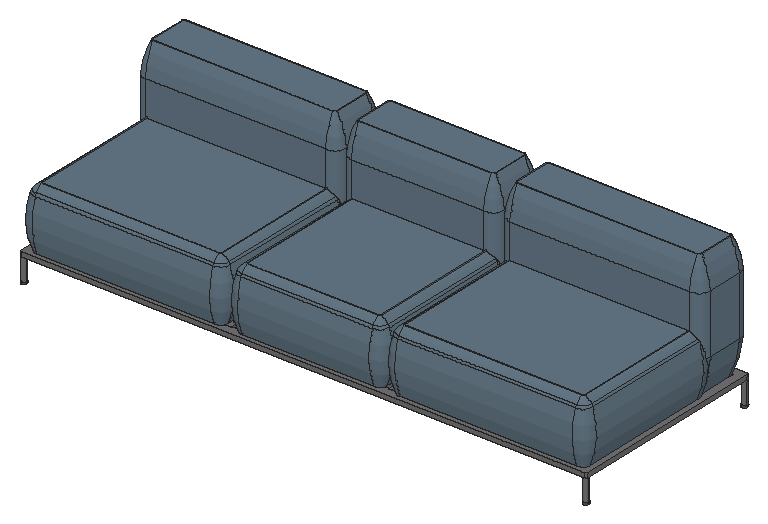
Revit family "Haworth_Mex-Hi_Sofa_WithoutArm", category Furniture, Revit 2018
Family settings
  OmniClass Number = 23.40.70.14.64.21
  OmniClass Title = Systems Furniture
  Work Plane-Based = No
  Always vertical = Yes
  Cut with Voids When Loaded = No
  Shared = No
  Room Calculation Point = No
Parameters (values of type "Three Seat Sofa")
  Warranty = "http://www.haworth.com/resources/product-info/warranties"
  URL - Product = "https://www.haworth.com/na/en/products/lounge-sofas/ottomans/mex-hi-seating.html"
  URL = "https://www.haworth.com/na/en/about/brands/haworth-collection.html"
  Two Seats = no
  Trim Finish = Haworth _ Polymer _ Black
  Three Seats = not(Two Seats)  # yes
  Sustainability Info = "https://www.haworth.com/na/en/expertise/sustainability.html"
  Size = "Verify Final Dim. w/ Haworth"  # constant formula
  Seat Upholstery Finish [instance] = Haworth _ Leather _ Scozia _ Oceano ES-342
  Revision Number = "1"  # constant formula
  Model = "HCCSMHL"  # constant formula
  Manufacturer = "Haworth"  # constant formula
  Description = "Haworth - Cassina - Mex-Hi - Sofa - Without Arm - Three Seat"
  Base Finish [instance] = Haworth _ Paint _ Matte Anthracite 69-ANT
  Back Upholstery Finish [instance] = Haworth _ Leather _ Scozia _ Oceano ES-342
  Author = "Haworth (Abd Rahman)"  # constant formula
  Assembly Code = "E2020200"
  Actual Width = if(Two Seats, 70.90", 98.40")  # 98.40"
  Actual Height = 28.30"  # constant formula
  Actual Depth = 35.50"  # constant formula
Reference planes (in)
  plane 1: z = 0
  plane 2 "Center L/R": x = -6.11989
  plane 3 "Center F/B": y = -11.5
  plane 4 "Top": z = 28.3
  plane 5 "Back": y = 6.25
  plane 6 "Front": y = -29.25
  plane 7 "Right": x = 43.08011
  plane 8 "Left": x = -55.31989
  plane 9: x = -22.51989
  plane 10: x = 10.28011
  plane 11: z = 4.88189
Dimensions and locks (in)
  equal spacing: plane 8 "Left", plane 2 "Center L/R", plane 7 "Right"
  "Actual Width": plane 8 "Left" to plane 7 "Right"
  equal spacing: plane 5 "Back", plane 3 "Center F/B", plane 6 "Front"
  "Actual Depth": plane 5 "Back" to plane 6 "Front"
  "Actual Height": plane 4 "Top" to plane 1
  equal spacing: plane 8 "Left", plane 9, plane 10, plane 7 "Right"
  aligned and locked: nested 1 to plane 5 "Back"
  aligned and locked: plane 2 "Center L/R" to nested 3
  aligned and locked: plane 3 "Center F/B" to nested 3
  aligned and locked: plane 7 "Right" to nested 1
  aligned and locked: plane 8 "Left" to nested 2
  aligned and locked: plane 8 "Left" to nested 4
  aligned and locked: nested 5 to nested 4  (x2)
  aligned and locked: plane 7 "Right" to nested 6
  aligned and locked: nested 6 to nested 5
  aligned and locked: nested 7 to plane 2 "Center L/R"
  aligned and locked: nested 7 to plane 5 "Back"
  aligned and locked: nested 3 to plane 11
  aligned and locked: nested 2 to plane 11
  aligned and locked: plane 11 to nested 7
  aligned and locked: plane 11 to nested 1
  aligned and locked: plane 11 to nested 4
  aligned and locked: plane 11 to nested 5
  aligned and locked: plane 11 to nested 6
Nested families (in)
  nested 1: "Haworth_Mex-Hi_Sofa_Back-Wide-PART" at (31.83887, 9.90612, -0.04956), Back Upholstery Finish <- "Back Upholstery Finish", type "Back Wide - PART - Small"
    with Back Upholstery Finish Haworth _ Leather _ Scozia _ Oceano ES-342, Extra Small no
  nested 2: "Haworth_Mex-Hi_Sofa_Back-Wide-PART" at (-44.07865, 9.90612, -0.04956) x (-1, 0, 0) z (0, 0, 1), Back Upholstery Finish <- "Back Upholstery Finish", type "Back Wide - PART - Small"
    with Back Upholstery Finish Haworth _ Leather _ Scozia _ Oceano ES-342, Extra Small no
  nested 3: "Haworth_Mex-Hi_Sofa_Base-PART" at (0, 0, 0), Base Finish <- "Base Finish", type "Base - PART"
    with Base Finish Haworth _ Paint _ Matte Anthracite 69-ANT
  nested 4: "Haworth_Mex-Hi_Sofa_Seat-Wide-PART" at (-31.35039, -3.81836, 0), Seat Upholstery Finish <- "Seat Upholstery Finish", type "Seat Wide - PART - Middle"
    with Seat Upholstery Finish Haworth _ Leather _ Scozia _ Oceano ES-342, Peninsula Seat no, Middle Large Seat no
  nested 5: "Haworth_Mex-Hi_Sofa_Seat-Wide-PART" at (0.1805, -3.81836, 0), visible <- "Three Seats", Seat Upholstery Finish <- "Seat Upholstery Finish", type "Seat Wide - PART - L/R"
    with Seat Upholstery Finish Haworth _ Leather _ Scozia _ Oceano ES-342, Peninsula Seat no, Middle Small Seat no, Middle Large Seat no, L/R Seat yes
  nested 6: "Haworth_Mex-Hi_Sofa_Seat-Wide-PART" at (31.35039, -3.81836, 0), Seat Upholstery Finish <- "Seat Upholstery Finish", type "Seat Wide - PART - Middle"
    with Seat Upholstery Finish Haworth _ Leather _ Scozia _ Oceano ES-342, Peninsula Seat no, Middle Large Seat no
  nested 7: "Haworth_Mex-Hi_Sofa_Back-Wide-PART" at (0.35387, 9.90612, -0.04956), visible <- "Three Seats", Back Upholstery Finish <- "Back Upholstery Finish", type "Back Wide - PART - Extra Small"
    with Back Upholstery Finish Haworth _ Leather _ Scozia _ Oceano ES-342, Small no
Definition of nested family "Haworth_Mex-Hi_Sofa_Back-Wide-PART"
  Parameters (values of type "Back Wide - PART - Small")
    Warranty = "http://www.haworth.com/resources/product-info/warranties"
    URL - Product = "https://www.haworth.com/na/en/products/lounge-sofas/ottomans/mex-hi-seating.html"
    URL = "https://www.haworth.com/na/en/about/brands/haworth-collection.html"
    Sustainability Info = "https://www.haworth.com/na/en/expertise/sustainability.html"
    Small = yes
    Size = "Verify Final Dim. w/ Haworth"  # constant formula
    Seat Height = 17.00"  # constant formula
    Revision Number = "1"  # constant formula
    Model = "Haworth - Cassina - Mex-Hi"  # constant formula
    Manufacturer = "Haworth"  # constant formula
    Large = no
    Extra Small = yes
    Description = "Haworth - Cassina - Mex-Hi - Back - Wide - PART"  # constant formula
    Back Upholstery Finish [instance] = none
    Author = "Haworth (Abd Rahman)"  # constant formula
    Assembly Code = "E2020200"
    Actual Width = 35.43"  # constant formula
    Actual Height = 27.39844"  # constant formula
    Actual Depth = 10.60"  # constant formula
  Types (2): name | Small | Large
    Back Wide - PART - Small | yes | no
    Back Wide - PART - Large | no | yes
  Reference planes (in)
    plane 1: z = 0
    plane 2 "Top": z = 27.39844
    plane 3: z = 17
    plane 4 "Right": x = 11.24124
    plane 5 "Left": x = -24.18876
    plane 6 "Center (Left/Right)": x = -6.47376
    plane 7 "Back": y = -3.65612
    plane 8 "Front": y = -14.25612
    plane 9 "Center (Front/Back)": y = -8.95612
    plane 10: x = -20.15376
    plane 11: x = 7.20624
  Forms (in)
    Extrusion 1, solid, material <- "Back Upholstery Finish", visible <- "Small"
      sketch origin (0, 0.1875, 0) x (1, 0, 0) y (0, 1, 0)
        loop
          line (-22.40055, -6.01823) -> (-22.40055, -12.26715)
          arc (-22.40055, -12.26715) -> (-22.28726, -12.54067) -> (-22.01374, -12.65397) r 0.38681
          line (-22.01374, -12.65397) -> (9.07786, -12.65397)
          arc (9.07786, -12.65397) -> (9.35138, -12.54067) -> (9.46468, -12.26715) r 0.38681
          line (9.46468, -12.26715) -> (9.46468, -6.01823)
          arc (9.46468, -6.01823) -> (9.35138, -5.74471) -> (9.07786, -5.63141) r 0.38681
          line (9.07786, -5.63141) -> (-22.01374, -5.63141)
          arc (-22.01374, -5.63141) -> (-22.28726, -5.74471) -> (-22.40055, -6.01823) r 0.38681
      from 4.93145 to 26.69365
    Sweep 2, solid, material <- "Back Upholstery Finish", visible <- "Small"
      path origin (0, 0.1875, 0) x (1, 0, 0) y (0, 1, 0)
        loop
          arc (-22.01374, -5.51823) -> (-22.36729, -5.66467) -> (-22.51374, -6.01823) r 0.5
          line (-22.51374, -6.01823) -> (-22.51374, -12.26715)
          arc (-22.51374, -12.26715) -> (-22.36729, -12.62071) -> (-22.01374, -12.76715) r 0.5
          line (-22.01374, -12.76715) -> (9.07786, -12.76715)
          arc (9.07786, -12.76715) -> (9.43142, -12.62071) -> (9.57786, -12.26715) r 0.5
          line (9.57786, -12.26715) -> (9.57786, -6.01823)
          arc (9.57786, -6.01823) -> (9.43142, -5.66467) -> (9.07786, -5.51823) r 0.5
          line (9.07786, -5.51823) -> (-22.01374, -5.51823)
      profile origin (-6.46794, -5.33073, 0) x (0, 1, 0) y (0, 0, 1)
        loop
          arc (1.49021, 21.44568) -> (0.98441, 24.16007) -> (-0.11319, 26.69365) r 12.32019
          line (-0.11319, 26.69365) -> (-0.11319, 4.93145)
          arc (-0.11319, 4.93145) -> (0.96903, 7.99176) -> (1.49021, 11.19568) r 18.19442
          arc (1.49021, 11.19568) -> (1.67463, 16.32068) -> (1.49021, 21.44568) r 71.30597
    Sweep 3, solid, material <- "Back Upholstery Finish", visible <- "Large"
      path origin (0, 0.1875, 0) x (1, 0, 0) y (0, 1, 0)
        loop
          arc (-29.78736, -5.63141) -> (-30.14092, -5.77786) -> (-30.28736, -6.13141) r 0.5
          line (-30.28736, -6.13141) -> (-30.28736, -12.15397)
          arc (-30.28736, -12.15397) -> (-30.14092, -12.50752) -> (-29.78736, -12.65397) r 0.5
          line (-29.78736, -12.65397) -> (8.96468, -12.65397)
          arc (8.96468, -12.65397) -> (9.31823, -12.50752) -> (9.46468, -12.15397) r 0.5
          line (9.46468, -12.15397) -> (9.46468, -6.13141)
          arc (9.46468, -6.13141) -> (9.31823, -5.77786) -> (8.96468, -5.63141) r 0.5
          line (8.96468, -5.63141) -> (-29.78736, -5.63141)
      profile origin (-10.41134, -5.44391, 0) x (0, 1, 0) y (0, 0, 1)
        loop
          arc (1.49021, 21.44568) -> (0.98441, 24.16007) -> (-0.11319, 26.69365) r 12.32019
          line (-0.11319, 26.69365) -> (-0.11319, 4.93145)
          arc (-0.11319, 4.93145) -> (0.96903, 7.99176) -> (1.49021, 11.19568) r 18.19442
          arc (1.49021, 11.19568) -> (1.67463, 16.32068) -> (1.49021, 21.44568) r 71.30597
    Extrusion 4, solid, material <- "Back Upholstery Finish", visible <- "Large"
      sketch origin (0, 0.1875, 0) x (1, 0, 0) y (0, 1, 0)
        loop
          line (-30.17418, -6.13141) -> (-30.17418, -12.15397)
          arc (-30.17418, -12.15397) -> (-30.06088, -12.42749) -> (-29.78736, -12.54078) r 0.38681
          line (-29.78736, -12.54078) -> (8.96468, -12.54078)
          arc (8.96468, -12.54078) -> (9.2382, -12.42749) -> (9.35149, -12.15397) r 0.38681
          line (9.35149, -12.15397) -> (9.35149, -6.13141)
          arc (9.35149, -6.13141) -> (9.2382, -5.85789) -> (8.96468, -5.7446) r 0.38681
          line (8.96468, -5.7446) -> (-29.78736, -5.7446)
          arc (-29.78736, -5.7446) -> (-30.06088, -5.85789) -> (-30.17418, -6.13141) r 0.38681
      from 4.93145 to 26.69365
    Sweep 5, solid, material <- "Back Upholstery Finish", visible <- "Extra Small"
      path origin (0, 0.1875, 0) x (1, 0, 0) y (0, 1, 0)
        loop
          arc (-17.90376, -5.51823) -> (-18.25731, -5.66467) -> (-18.40376, -6.01823) r 0.5
          line (-18.40376, -6.01823) -> (-18.40376, -12.26715)
          arc (-18.40376, -12.26715) -> (-18.25731, -12.62071) -> (-17.90376, -12.76715) r 0.5
          line (-17.90376, -12.76715) -> (4.95624, -12.76715)
          arc (4.95624, -12.76715) -> (5.30979, -12.62071) -> (5.45624, -12.26715) r 0.5
          line (5.45624, -12.26715) -> (5.45624, -6.01823)
          arc (5.45624, -6.01823) -> (5.30979, -5.66467) -> (4.95624, -5.51823) r 0.5
          line (4.95624, -5.51823) -> (-17.90376, -5.51823)
      profile origin (-6.47376, -5.33073, 0) x (0, 1, 0) y (0, 0, 1)
        loop
          arc (1.49021, 21.44568) -> (0.98441, 24.16007) -> (-0.11319, 26.69365) r 12.32019
          line (-0.11319, 26.69365) -> (-0.11319, 4.93145)
          arc (-0.11319, 4.93145) -> (0.96903, 7.99176) -> (1.49021, 11.19568) r 18.19442
          arc (1.49021, 11.19568) -> (1.67463, 16.32068) -> (1.49021, 21.44568) r 71.30597
    Extrusion 6, solid, material <- "Back Upholstery Finish", visible <- "Extra Small"
      sketch origin (0, 0.1875, 0) x (1, 0, 0) y (0, 1, 0)
        loop
          line (-18.29057, -6.01823) -> (-18.29057, -12.26715)
          arc (-18.29057, -12.26715) -> (-18.17728, -12.54067) -> (-17.90376, -12.65397) r 0.38681
          line (-17.90376, -12.65397) -> (4.95624, -12.65397)
          arc (4.95624, -12.65397) -> (5.22976, -12.54067) -> (5.34306, -12.26715) r 0.38681
          line (5.34306, -12.26715) -> (5.34306, -6.01823)
          arc (5.34306, -6.01823) -> (5.22976, -5.74471) -> (4.95624, -5.63141) r 0.38681
          line (4.95624, -5.63141) -> (-17.90376, -5.63141)
          arc (-17.90376, -5.63141) -> (-18.17728, -5.74471) -> (-18.29057, -6.01823) r 0.38681
      from 4.93145 to 26.69365
  Lines and regions (in)
    Masking region 1, visible <- "Large"
      outline origin (0, 0, 0) x (1, 0, 0) y (0, 1, 0)
        loop
          line (-31.95339, -5.80612) -> (-31.95339, -12.10612)
          arc (-31.95339, -12.10612) -> (-31.32367, -13.6264) -> (-29.80339, -14.25612) r 2.15
          line (-29.80339, -14.25612) -> (9.0884, -14.25612)
          arc (9.0884, -14.25612) -> (10.61069, -13.62556) -> (11.24124, -12.10328) r 2.15284
          line (11.24124, -12.10328) -> (11.24124, -5.80612)
          arc (11.24124, -5.80612) -> (10.61152, -4.28584) -> (9.09124, -3.65612) r 2.15
          line (9.09124, -3.65612) -> (-29.80339, -3.65612)
          arc (-29.80339, -3.65612) -> (-31.32367, -4.28584) -> (-31.95339, -5.80612) r 2.15
    Masking region 2, visible <- "Small"
      outline origin (0, 0, 0) x (1, 0, 0) y (0, 1, 0)
        loop
          line (-24.18876, -5.80612) -> (-24.18876, -12.10612)
          arc (-24.18876, -12.10612) -> (-23.55904, -13.6264) -> (-22.03876, -14.25612) r 2.15
          line (-22.03876, -14.25612) -> (9.0884, -14.25612)
          arc (9.0884, -14.25612) -> (10.61069, -13.62556) -> (11.24124, -12.10328) r 2.15284
          line (11.24124, -12.10328) -> (11.24124, -5.80612)
          arc (11.24124, -5.80612) -> (10.61152, -4.28584) -> (9.09124, -3.65612) r 2.15
          line (9.09124, -3.65612) -> (-22.03876, -3.65612)
          arc (-22.03876, -3.65612) -> (-23.55904, -4.28584) -> (-24.18876, -5.80612) r 2.15
    Masking region 3, visible <- "Extra Small"
      outline origin (0, 0, 0) x (1, 0, 0) y (0, 1, 0)
        loop
          line (-20.15376, -5.80612) -> (-20.15376, -12.10612)
          arc (-20.15376, -12.10612) -> (-19.52404, -13.6264) -> (-18.00376, -14.25612) r 2.15
          line (-18.00376, -14.25612) -> (5.0534, -14.25612)
          arc (5.0534, -14.25612) -> (6.57569, -13.62556) -> (7.20624, -12.10328) r 2.15284
          line (7.20624, -12.10328) -> (7.20624, -5.80612)
          arc (7.20624, -5.80612) -> (6.57652, -4.28584) -> (5.05624, -3.65612) r 2.15
          line (5.05624, -3.65612) -> (-18.00376, -3.65612)
          arc (-18.00376, -3.65612) -> (-19.52404, -4.28584) -> (-20.15376, -5.80612) r 2.15
  Dimensions and locks (in)
    "Actual Height": plane 2 "Top" to plane 1
    "Seat Height": plane 3 to level
    equal spacing: plane 5 "Left", plane 6 "Center (Left/Right)", plane 4 "Right"
    "Actual Width": plane 5 "Left" to plane 4 "Right"
    equal spacing: plane 8 "Front", plane 9 "Center (Front/Back)", plane 7 "Back"
    "Actual Depth": plane 8 "Front" to plane 7 "Back"
    Masking region 3 sketch curve to plane 6 "Center (Left/Right)" to Masking region 3 sketch curve = 13.68", 13.68"
  Automatic sketch dimensions
    Extrusion 1 sketch curve to plane 5 "Left" = 1.78821"
    Extrusion 1 sketch curve to Extrusion 1 sketch curve = 0.38681"  (x3)
    Extrusion 1 sketch curve to plane 4 "Right" = 2.16338"  (x2)
    plane 8 "Front" to Extrusion 1 sketch curve = 1.78965"
    plane 7 "Back" to Extrusion 1 sketch curve = 2.17461"
    Sweep 2 sketch curve to plane 5 "Left" = 1.67502"
    Sweep 2 sketch curve to Sweep 2 sketch curve = 0.50"  (x3)
    Sweep 2 sketch curve to plane 4 "Right" = 2.16338"  (x2)
    plane 8 "Front" to Sweep 2 sketch curve = 1.67646"
    plane 7 "Back" to Sweep 2 sketch curve = 2.17461"
    level to Sweep 2 sketch curve = 16.32068"
    profile plane to Sweep 2 sketch curve = 69.63135"
    profile plane to Sweep 2 sketch curve = 16.65715"
    Sweep 2 sketch curve to Sweep 2 sketch curve = 5.85904"
    profile plane to Sweep 2 sketch curve = 0.11319"
    level to Sweep 2 sketch curve = 12.50337"
    level to Sweep 2 sketch curve = 4.93145"
    Sweep 2 sketch curve to Sweep 2 sketch curve = 8.05681"
    Sweep 2 sketch curve to Sweep 2 sketch curve = 6.13346"
    Sweep 2 sketch curve to Sweep 2 sketch curve = 0.00"
    Masking region 1 sketch curve to plane 8 "Front" = 0.00"
    plane 7 "Back" to Masking region 1 sketch curve = 0.00"
    Masking region 1 sketch curve to plane 4 "Right" = 0.00"
    Masking region 1 sketch curve to plane 4 "Right" = 2.15"
    Masking region 1 sketch curve to Masking region 1 sketch curve = 2.15284"
    plane 7 "Back" to Masking region 1 sketch curve = 2.15"
    plane 5 "Left" to Masking region 1 sketch curve = 5.61464"
    Masking region 1 sketch curve to Masking region 1 sketch curve = 2.15"
    plane 8 "Front" to Sweep 3 sketch curve = 2.28965"
    plane 5 "Left" to Sweep 3 sketch curve = 6.09861"
    Sweep 3 sketch curve to Sweep 3 sketch curve = 0.50"  (x3)
    Sweep 3 sketch curve to plane 4 "Right" = 2.27656"  (x2)
    plane 7 "Back" to Sweep 3 sketch curve = 2.2878"
    level to Sweep 3 sketch curve = 16.32068"
    profile plane to Sweep 3 sketch curve = 69.63135"
    profile plane to Sweep 3 sketch curve = 16.65715"
    Sweep 3 sketch curve to Sweep 3 sketch curve = 5.85904"
    profile plane to Sweep 3 sketch curve = 0.11319"
    level to Sweep 3 sketch curve = 12.50337"
    level to Sweep 3 sketch curve = 4.93145"
    Sweep 3 sketch curve to Sweep 3 sketch curve = 8.05681"
    Sweep 3 sketch curve to Sweep 3 sketch curve = 6.13346"
    Sweep 3 sketch curve to Sweep 3 sketch curve = 0.00"
    plane 7 "Back" to Extrusion 4 sketch curve = 2.2878"
    plane 5 "Left" to Extrusion 4 sketch curve = 5.98542"
    Extrusion 4 sketch curve to Extrusion 4 sketch curve = 0.38681"  (x3)
    Extrusion 4 sketch curve to plane 4 "Right" = 2.27656"  (x2)
    plane 8 "Front" to Extrusion 4 sketch curve = 2.28965"
    Masking region 2 sketch curve to plane 5 "Left" = 0.00"
    Masking region 2 sketch curve to plane 8 "Front" = 0.00"
    plane 7 "Back" to Masking region 2 sketch curve = 0.00"
    Masking region 2 sketch curve to plane 4 "Right" = 0.00"
    Masking region 2 sketch curve to plane 5 "Left" = 2.15"  (x2)
    Masking region 2 sketch curve to plane 4 "Right" = 2.15284"
    Masking region 2 sketch curve to Masking region 2 sketch curve = 2.15"
    Masking region 3 sketch curve to plane 8 "Front" = 0.00"
    plane 7 "Back" to Masking region 3 sketch curve = 0.00"
    plane 8 "Front" to Masking region 3 sketch curve = 2.15"
    Masking region 3 sketch curve to Masking region 3 sketch curve = 2.15"
    Masking region 3 sketch curve to Masking region 3 sketch curve = 2.15284"
    plane 7 "Back" to Masking region 3 sketch curve = 2.15"
    plane 8 "Front" to Sweep 5 sketch curve = 2.17646"  (x2)
    Sweep 5 sketch curve to plane 5 "Left" = 5.785"
    Sweep 5 sketch curve to Sweep 5 sketch curve = 0.50"  (x3)
    Sweep 5 sketch curve to plane 4 "Right" = 6.285"
    plane 7 "Back" to Sweep 5 sketch curve = 2.17461"
    level to Sweep 5 sketch curve = 16.32068"
    profile plane to Sweep 5 sketch curve = 69.63135"
    profile plane to Sweep 5 sketch curve = 16.65715"
    Sweep 5 sketch curve to Sweep 5 sketch curve = 5.85904"
    profile plane to Sweep 5 sketch curve = 0.11319"
    level to Sweep 5 sketch curve = 12.50337"
    level to Sweep 5 sketch curve = 4.93145"
    Sweep 5 sketch curve to Sweep 5 sketch curve = 8.05681"
    Sweep 5 sketch curve to Sweep 5 sketch curve = 6.13346"
    Sweep 5 sketch curve to Sweep 5 sketch curve = 0.00"
    Extrusion 6 sketch curve to plane 5 "Left" = 5.89819"
    Extrusion 6 sketch curve to Extrusion 6 sketch curve = 0.38681"  (x3)
    Extrusion 6 sketch curve to plane 4 "Right" = 6.285"  (x2)
    plane 8 "Front" to Extrusion 6 sketch curve = 1.78965"
    plane 7 "Back" to Extrusion 6 sketch curve = 2.17461"
Definition of nested family "Haworth_Mex-Hi_Sofa_Base-PART"
  Parameters (values of type "Base - PART")
    Warranty = "http://www.haworth.com/resources/product-info/warranties"
    URL - Product = "https://www.haworth.com/na/en/products/lounge-sofas/ottomans/mex-hi-seating.html"
    URL = "https://www.haworth.com/na/en/about/brands/haworth-collection.html"
    Two Seats = no
    Trim Finish = none
    Three Seats = yes
    Sustainability Info = "https://www.haworth.com/na/en/expertise/sustainability.html"
    Size = "Verify Final Dim. w/ Haworth"  # constant formula
    Revision Number = "1"  # constant formula
    Model = "Haworth - Cassina - Mex-Hi"  # constant formula
    Manufacturer = "Haworth"  # constant formula
    Description = "Haworth - Cassina - Mex-Hi - Sofa - Base - PART"  # constant formula
    Base Finish [instance] = none
    Author = "Haworth (Abd Rahman)"  # constant formula
    Assembly Code = "E2020200"
    Actual Width = 98.40"
    Actual Height = 28.30"  # constant formula
    Actual Depth = 35.50"
  Reference planes (in)
    plane 1: z = 0
    plane 2 "Center L/R": x = -6.11989
    plane 3 "Center F/B": y = -11.5
    plane 4 "Top": z = 28.3
    plane 5 "Back": y = 6.25
    plane 6 "Front": y = -29.25
    plane 7 "Right": x = 43.08011
    plane 8 "Left": x = -55.31989
    plane 9: x = 8.61121
    plane 10: x = 7.43011
    plane 11: x = -19.66989
    plane 12: x = -20.851
    plane 13: y = 4.4803
    plane 14: y = 3.20078
    plane 15: y = 2.01967
    plane 16: y = -4.67324
    plane 17: y = -5.85434
    plane 18: y = -24.9511
    plane 19: y = -26.1322
    plane 20: y = -27.40946
    plane 21: y = 6.04866
    plane 22: y = -28.9838
    plane 23: x = -53.5182
    plane 24: x = 41.33743
    plane 25: x = 42.90823
    plane 26: x = -55.09253
    plane 27: x = 8.0169
    plane 28: x = -20.26044
    plane 29: y = -17.07481
    plane 30: y = -5.26247
    plane 31: x = -6.6827
    plane 32: x = -5.5016
  Forms (in)
    Extrusion 1, solid, material <- "Base Finish"
      sketch origin (-0.25, 0.4375, 0) x (1, 0, 0) y (0, 1, 0)
        loop
          line (42.78209, 5.61116) -> (-54.46639, 5.61116)
          arc (-54.46639, 5.61116) -> (-54.73236, 5.50099) -> (-54.84253, 5.23502) r 0.37614
          line (-54.84253, 5.23502) -> (-54.84253, -29.03536)
          arc (-54.84253, -29.03536) -> (-54.72949, -29.30826) -> (-54.4566, -29.4213) r 0.38594
          line (-54.4566, -29.4213) -> (42.87505, -29.4213)
          arc (42.87505, -29.4213) -> (43.07529, -29.33835) -> (43.15823, -29.13811) r 0.28319
          line (43.15823, -29.13811) -> (43.15823, 5.23502)
          arc (43.15823, 5.23502) -> (43.04806, 5.50099) -> (42.78209, 5.61116) r 0.37614
        loop
          line (41.58743, -5.11074) -> (41.58743, 1.58217) -> (-53.2682, 1.58217) -> (-53.2682, -5.11074) -> (41.58743, -5.11074)
        loop
          line (-53.2682, 2.76328) -> (41.58743, 2.76328) -> (41.58743, 4.0428) -> (-53.2682, 4.0428) -> (-53.2682, 2.76328)
        loop
          line (41.58743, -6.29184) -> (-53.2682, -6.29184) -> (-53.2682, -25.3886) -> (41.58743, -25.3886) -> (41.58743, -6.29184)
        loop
          line (41.58743, -26.5697) -> (-53.2682, -26.5697) -> (-53.2682, -27.84696) -> (41.58743, -27.84696) -> (41.58743, -26.5697)
      from 4.08098 to 4.88189
    Extrusion 2, solid, material <- "Base Finish"
      sketch origin (-0.25, 0.4375, 0) x (1, 0, 0) y (0, 1, 0)
        loop
          circle (-54.44883, 5.22344) r 0.41206
        loop
          circle (42.77054, -29.02659) r 0.41206
        loop
          circle (42.77363, 5.22313) r 0.41206
        loop
          circle (-54.44602, -29.0239) r 0.41206
      from 0 to 4.08098
    Extrusion 3, solid, material <- "Trim Finish"
      sketch origin (-0.25, 0.4375, 0) x (1, 0, 0) y (0, 1, 0)
        loop
          circle (-54.44883, 5.22344) r 0.49213
        loop
          circle (-54.44883, -29.02999) r 0.49213
        loop
          circle (42.77154, 5.22344) r 0.49213
        loop
          circle (42.76782, -29.02818) r 0.49213
      from 0 to 0.23622
    Extrusion 4, solid, material <- "Base Finish", visible <- "Two Seats"
      sketch origin (0, 0, 0) x (1, 0, 0) y (0, 1, 0)
        loop
          line (-5.5016, -27.40946) -> (-5.5016, 6.04866) -> (-6.6827, 6.04866) -> (-6.6827, -27.40946) -> (-5.5016, -27.40946)
      from 4.08098 to 4.88189
    Extrusion 5, solid, material <- "Base Finish", visible <- "Three Seats"
      sketch origin (-17.68716, 0, 0) x (1, 0, 0) y (0, 1, 0)
        loop
          line (-1.98273, -27.40946) -> (-1.98273, 6.04866) -> (-3.16383, 6.04866) -> (-3.16383, -27.40946) -> (-1.98273, -27.40946)
      from 4.08098 to 4.88189
    Extrusion 6, solid, material <- "Base Finish", visible <- "Three Seats"
      sketch origin (17.7459, 0, 0) x (1, 0, 0) y (0, 1, 0)
        loop
          line (-9.1347, -27.40946) -> (-9.1347, 6.04866) -> (-10.3158, 6.04866) -> (-10.3158, -27.40946) -> (-9.1347, -27.40946)
      from 4.08098 to 4.88189
    Extrusion 7, solid, material <- "Trim Finish", visible <- "Two Seats"
      sketch origin (0, 0, 0) x (1, 0, 0) y (0, 1, 0)
        loop
          circle (-6.11989, -17.07481) r 0.49213
        loop
          circle (-6.11989, -5.26247) r 0.49213
      from 0 to 0.23622
    Extrusion 8, solid, material <- "Trim Finish", visible <- "Two Seats"
      sketch origin (0, 0, 0) x (1, 0, 0) y (0, 1, 0)
        loop
          circle (-6.11989, -17.07481) r 0.41206
        loop
          circle (-6.11989, -5.26247) r 0.41206
      from 0 to 4.08098
    Extrusion 9, solid, material <- "Trim Finish", visible <- "Three Seats"
      sketch origin (0, 0, 0) x (1, 0, 0) y (0, 1, 0)
        loop
          circle (-20.26044, -17.07481) r 0.41206
        loop
          circle (-20.26044, -5.26247) r 0.41206
        loop
          circle (8.0169, -5.26247) r 0.41206
        loop
          circle (8.0169, -17.07481) r 0.41206
      from 0 to 4.08098
    Extrusion 10, solid, material <- "Trim Finish", visible <- "Three Seats"
      sketch origin (0, 0, 0) x (1, 0, 0) y (0, 1, 0)
        loop
          circle (-20.26044, -17.07481) r 0.49213
        loop
          circle (-20.26044, -5.26247) r 0.49213
        loop
          circle (8.0169, -5.26247) r 0.49213
        loop
          circle (8.0169, -17.07481) r 0.49213
      from 0 to 0.23622
  Lines and regions (in)
    symbolic lines
      curve 1: line (-55.09253, 6.04866, 0) -> (42.90823, 6.04866, 0)
      curve 2: line (-55.09253, -28.9838, 0) -> (-55.09253, 6.04866, 0)
      curve 3: line (42.90823, -28.9838, 0) -> (-55.09253, -28.9838, 0)
      curve 4: line (42.90823, 6.04866, 0) -> (42.90823, -28.9838, 0)
      curve 5: line (-53.5182, -27.40946, 0) -> (-20.851, -27.40946, 0)
      curve 6: line (-53.5182, -26.1322, 0) -> (-53.5182, -27.40946, 0)
      curve 7: line (-20.851, -26.1322, 0) -> (-53.5182, -26.1322, 0)
      curve 8: line (-20.851, -27.40946, 0) -> (-20.851, -26.1322, 0)
      curve 9: line (7.43011, -27.40946, 0) -> (-19.66989, -27.40946, 0)
      curve 10: line (7.43011, -26.1322, 0) -> (7.43011, -27.40946, 0)
      curve 11: line (-19.66989, -26.1322, 0) -> (7.43011, -26.1322, 0)
      curve 12: line (-19.66989, -27.40946, 0) -> (-19.66989, -26.1322, 0)
      curve 13: line (8.61121, -26.1322, 0) -> (41.33743, -26.1322, 0)
      curve 14: line (8.61121, -27.40946, 0) -> (8.61121, -26.1322, 0)
      curve 15: line (41.33743, -27.40946, 0) -> (8.61121, -27.40946, 0)
      curve 16: line (41.33743, -26.1322, 0) -> (41.33743, -27.40946, 0)
      curve 17: line (41.33743, -24.9511, 0) -> (8.61121, -24.9511, 0)
      curve 18: line (41.33743, -5.85434, 0) -> (41.33743, -24.9511, 0)
      curve 19: line (8.61121, -5.85434, 0) -> (41.33743, -5.85434, 0)
      curve 20: line (8.61121, -24.9511, 0) -> (8.61121, -5.85434, 0)
      curve 21: line (41.33743, -4.67324, 0) -> (8.61121, -4.67324, 0)
      curve 22: line (41.33743, 2.01967, 0) -> (41.33743, -4.67324, 0)
      curve 23: line (8.61121, 2.01967, 0) -> (41.33743, 2.01967, 0)
      curve 25: line (7.43011, 2.01967, 0) -> (-19.66989, 2.01967, 0)
      curve 27: line (-19.66989, -4.67324, 0) -> (7.43011, -4.67324, 0)
      curve 28: line (-19.66989, 2.01967, 0) -> (-19.66989, -4.67324, 0)
      curve 29: line (-19.66989, -5.85434, 0) -> (7.43011, -5.85434, 0)
      curve 30: line (-19.66989, -24.9511, 0) -> (-19.66989, -5.85434, 0)
      curve 31: line (7.43011, -24.9511, 0) -> (-19.66989, -24.9511, 0)
      curve 32: line (7.43011, -5.85434, 0) -> (7.43011, -24.9511, 0)
      curve 33: line (-20.851, -24.9511, 0) -> (-53.5182, -24.9511, 0)
      curve 35: line (-53.5182, -5.85434, 0) -> (-20.851, -5.85434, 0)
      curve 36: line (-53.5182, -24.9511, 0) -> (-53.5182, -5.85434, 0)
      curve 37: line (-53.5182, -4.67324, 0) -> (-20.851, -4.67324, 0)
      curve 38: line (-53.5182, 2.01967, 0) -> (-53.5182, -4.67324, 0)
      curve 39: line (-20.851, 2.01967, 0) -> (-53.5182, 2.01967, 0)
      curve 40: line (-20.851, -4.67324, 0) -> (-20.851, 2.01967, 0)
      curve 41: line (-53.5182, 4.4803, 0) -> (-20.851, 4.4803, 0)
      curve 42: line (-53.5182, 3.20078, 0) -> (-53.5182, 4.4803, 0)
      curve 43: line (-20.851, 3.20078, 0) -> (-53.5182, 3.20078, 0)
      curve 44: line (-20.851, 4.4803, 0) -> (-20.851, 3.20078, 0)
      curve 45: line (7.43011, 3.20078, 0) -> (-19.66989, 3.20078, 0)
      curve 46: line (7.43011, 4.4803, 0) -> (7.43011, 3.20078, 0)
      curve 47: line (-19.66989, 4.4803, 0) -> (7.43011, 4.4803, 0)
      curve 49: line (41.33743, 3.20078, 0) -> (8.61121, 3.20078, 0)
      curve 50: line (41.33743, 4.4803, 0) -> (41.33743, 3.20078, 0)
      curve 51: line (8.61121, 4.4803, 0) -> (41.33743, 4.4803, 0)
      curve 52: line (8.61121, 3.20078, 0) -> (8.61121, 4.4803, 0)
    symbolic lines, visible <- "Three Seats"
      curve 24: line (8.61121, -27.40946, 0) -> (8.61121, 4.4803, 0)
      curve 26: line (7.43011, -27.40946, 0) -> (7.43011, 4.4803, 0)
      curve 34: line (-20.851, 4.4803, 0) -> (-20.851, -27.40946, 0)
      curve 48: line (-19.66989, -27.40946, 0) -> (-19.66989, 4.4803, 0)
    symbolic lines, visible <- "Two Seats"
      curve 53: line (-6.6827, 6.04866, 0) -> (-5.5016, 6.04866, 0)
      curve 54: line (-6.6827, -27.40946, 0) -> (-6.6827, 6.04866, 0)
      curve 55: line (-5.5016, -27.40946, 0) -> (-6.6827, -27.40946, 0)
      curve 56: line (-5.5016, 6.04866, 0) -> (-5.5016, -27.40946, 0)
  Dimensions and locks (in)
    equal spacing: plane 8 "Left", plane 2 "Center L/R", plane 7 "Right"
    "Actual Width": plane 8 "Left" to plane 7 "Right"
    equal spacing: plane 5 "Back", plane 3 "Center F/B", plane 6 "Front"
    "Actual Depth": plane 5 "Back" to plane 6 "Front"
    "Actual Height": plane 4 "Top" to plane 1
    plane 18 to plane 19 to plane 20 to plane 22 to plane 6 "Front" = 1.1811" locked, 1.27726" locked, 1.57434" locked, 0.2662" locked
    plane 5 "Back" to plane 21 to plane 13 to plane 14 to plane 15 to plane 16 to plane 17 = 0.20134" locked, 1.56835" locked, 1.27953" locked, 1.1811" locked, 6.69291" locked, 1.1811" locked
    plane 30 to plane 3 "Center F/B" to plane 29 = 6.23753" locked, 5.57481" locked
    plane 31 to plane 2 "Center L/R" to plane 32 = 0.56281" locked, 0.61829" locked
    plane 10 to plane 27 to plane 9 = 0.58679" locked, 0.59431" locked
    plane 12 to plane 28 to plane 11 = 0.59055" locked, 0.59055" locked
    plane 24 to plane 25 to plane 7 "Right" = 1.5708" locked, 0.17188" locked
    plane 8 "Left" to plane 26 to plane 23 = 0.22736" locked, 1.57433" locked
    plane 9 to plane 24 = 32.72622"
    plane 23 to plane 12 = 32.6672"
    aligned and locked: Extrusion 1 to plane 13
    aligned and locked: plane 14 to Extrusion 1
    aligned and locked: Extrusion 1 to plane 15
    aligned and locked: plane 16 to Extrusion 1
    aligned and locked: Extrusion 1 to plane 17
    aligned and locked: plane 18 to Extrusion 1
    aligned and locked: Extrusion 1 to plane 19
    aligned and locked: Extrusion 1 to plane 20
    aligned and locked: plane 26 to Extrusion 1  (x2)
    aligned and locked: Extrusion 1 to plane 23  (x4)
    aligned and locked: Extrusion 1 to plane 25  (x2)
    aligned and locked: plane 24 to Extrusion 1  (x4)
    aligned and locked: curve 2 to plane 26
    aligned and locked: plane 21 to Extrusion 1
    aligned and locked: plane 14 to curve 43
    aligned and locked: plane 15 to curve 39
    aligned and locked: curve 37 to plane 16
    aligned and locked: curve 35 to plane 17
    aligned and locked: plane 18 to curve 33
    aligned and locked: plane 19 to curve 7
    aligned and locked: plane 20 to curve 5
    aligned and locked: plane 23 to curve 6
    aligned and locked: curve 36 to plane 23
    aligned and locked: plane 23 to curve 38
    aligned and locked: curve 42 to plane 23
    aligned and locked: plane 12 to curve 44
    aligned and locked: curve 40 to plane 12
    aligned and locked: curve 8 to plane 12
    aligned and locked: curve 12 to plane 11
    aligned and locked: curve 30 to plane 11
    aligned and locked: plane 11 to curve 28
    aligned and locked: plane 10 to curve 46
    aligned and locked: curve 26 to plane 10
    aligned and locked: plane 10 to curve 32
    aligned and locked: plane 10 to curve 10
    aligned and locked: curve 14 to plane 9
    aligned and locked: curve 20 to plane 9
    aligned and locked: curve 52 to plane 9
    aligned and locked: plane 24 to curve 50
    aligned and locked: plane 24 to curve 22
    aligned and locked: plane 24 to curve 18
    aligned and locked: plane 24 to curve 16
    aligned and locked: plane 25 to curve 4
    aligned and locked: Extrusion 1 to plane 22
    aligned and locked: curve 15 to plane 20
    aligned and locked: curve 13 to plane 19
    aligned and locked: plane 18 to curve 17
    aligned and locked: curve 19 to plane 17
    aligned and locked: plane 16 to curve 21
    aligned and locked: curve 23 to plane 15
    aligned and locked: plane 14 to curve 49
    aligned and locked: curve 51 to plane 13
    aligned and locked: curve 1 to plane 21
    aligned and locked: curve 47 to plane 13
    aligned and locked: plane 14 to curve 45
    aligned and locked: plane 15 to curve 25
    aligned and locked: curve 27 to plane 16
    aligned and locked: curve 29 to plane 17
    aligned and locked: plane 18 to curve 31
    aligned and locked: curve 11 to plane 19
    aligned and locked: curve 9 to plane 20
    aligned and locked: plane 22 to curve 3
    aligned and locked: plane 15 to nested 2
    aligned and locked: plane 15 to nested 3
    aligned and locked: plane 15 to nested 8
    aligned and locked: plane 15 to nested 9
    aligned and locked: plane 17 to nested 13
    aligned and locked: plane 17 to nested 10
    aligned and locked: plane 17 to nested 7
    aligned and locked: plane 17 to nested 4
    aligned and locked: plane 17 to nested 14
    aligned and locked: nested 1 to plane 18
    aligned and locked: nested 5 to plane 18
    aligned and locked: nested 6 to plane 18
    aligned and locked: nested 12 to plane 18
    aligned and locked: nested 11 to plane 18
    aligned and locked: nested 1 to Extrusion 1
    aligned and locked: Extrusion 1 to Extrusion 4  (x2)
    aligned and locked: Extrusion 4 to plane 32
    aligned and locked: plane 31 to Extrusion 4
    aligned and locked: plane 32 to Extrusion 4 sketch curve
    aligned and locked: Extrusion 4 sketch curve to plane 31
    aligned and locked: Extrusion 4 sketch curve to plane 21
    aligned and locked: Extrusion 4 sketch curve to plane 20
    aligned and locked: plane 9 to Extrusion 6 sketch curve
    aligned and locked: Extrusion 6 sketch curve to plane 10
    aligned and locked: Extrusion 6 sketch curve to plane 21
    aligned and locked: Extrusion 6 sketch curve to plane 20
    aligned and locked: plane 11 to Extrusion 5 sketch curve
    aligned and locked: Extrusion 5 sketch curve to plane 12
    aligned and locked: Extrusion 5 sketch curve to plane 21
    aligned and locked: Extrusion 5 sketch curve to plane 20
    aligned and locked: plane 29 to Extrusion 7 sketch curve
    aligned and locked: plane 2 "Center L/R" to Extrusion 7 sketch curve  (x2)
    aligned and locked: plane 30 to Extrusion 7 sketch curve
    aligned and locked: Extrusion 3 to Extrusion 7
    aligned and locked: plane 29 to Extrusion 8 sketch curve
    aligned and locked: plane 2 "Center L/R" to Extrusion 8 sketch curve  (x2)
    aligned and locked: plane 30 to Extrusion 8 sketch curve
    aligned and locked: Extrusion 8 to Extrusion 1
    aligned and locked: plane 29 to Extrusion 9 sketch curve  (x2)
    aligned and locked: plane 30 to Extrusion 9 sketch curve  (x2)
    aligned and locked: plane 28 to Extrusion 9 sketch curve  (x2)
    aligned and locked: plane 27 to Extrusion 9 sketch curve  (x2)
    aligned and locked: Extrusion 9 to Extrusion 1
    aligned and locked: plane 28 to Extrusion 10 sketch curve  (x2)
    aligned and locked: plane 27 to Extrusion 10 sketch curve  (x2)
    aligned and locked: plane 30 to Extrusion 10 sketch curve  (x2)
    aligned and locked: plane 29 to Extrusion 10 sketch curve  (x2)
    aligned and locked: Extrusion 10 to Extrusion 7
  Automatic sketch dimensions
    Extrusion 1 sketch curve to plane 26 = 0.00"
    Extrusion 1 sketch curve to plane 21 = 0.00"
    Extrusion 1 sketch curve to plane 22 = 0.00"
    plane 20 to Extrusion 1 sketch curve = 0.00"
    Extrusion 1 sketch curve to plane 23 = 0.00"  (x4)
    Extrusion 1 sketch curve to plane 18 = 0.00"
    Extrusion 1 sketch curve to plane 13 = 0.00"
    Extrusion 1 sketch curve to plane 16 = 0.00"
    Extrusion 1 sketch curve to plane 24 = 0.00"  (x4)
    Extrusion 1 sketch curve to plane 14 = 0.00"
    Extrusion 1 sketch curve to plane 15 = 0.00"
    Extrusion 1 sketch curve to plane 25 = 0.00"
    Extrusion 1 sketch curve to plane 19 = 0.00"
    Extrusion 1 sketch curve to plane 17 = 0.00"
    Extrusion 1 sketch curve to Extrusion 1 sketch curve = 0.37614"
    plane 22 to Extrusion 1 sketch curve = 0.38594"
    plane 25 to Extrusion 1 sketch curve = 0.37614"
    Extrusion 1 sketch curve to Extrusion 1 sketch curve = 0.28319"
    Extrusion 2 sketch curve to plane 26 = 0.39651"
    Extrusion 2 sketch curve to plane 26 = 0.3937"
    plane 25 to Extrusion 2 sketch curve = 0.38769"
    plane 25 to Extrusion 2 sketch curve = 0.3846"
    plane 22 to Extrusion 2 sketch curve = 0.39739"
    plane 22 to Extrusion 2 sketch curve = 0.39471"
    Extrusion 2 sketch curve to plane 21 = 0.38803"
    Extrusion 2 sketch curve to plane 21 = 0.38772"
    Extrusion 3 sketch curve to plane 26 = 0.3937"  (x2)
    plane 25 to Extrusion 3 sketch curve = 0.39041"
    plane 25 to Extrusion 3 sketch curve = 0.38669"
    plane 22 to Extrusion 3 sketch curve = 0.39311"
    plane 22 to Extrusion 3 sketch curve = 0.39131"
    Extrusion 3 sketch curve to plane 21 = 0.38772"  (x2)
    plane 20 to curve 55 = 0.00"
    curve 55 to plane 31 = 0.00"
    curve 55 to plane 32 = 0.00"
    curve 44 to plane 13 = 0.00"
    curve 53 to plane 21 = 0.00"
    radius of Extrusion 2 sketch curve = 0.41206"  (x4)
    radius of Extrusion 3 sketch curve = 0.49213"  (x4)
    radius of Extrusion 7 sketch curve = 0.49213"  (x2)
    radius of Extrusion 8 sketch curve = 0.41206"  (x2)
    radius of Extrusion 9 sketch curve = 0.41206"  (x4)
    radius of Extrusion 10 sketch curve = 0.49213"  (x4)
  Nested families (in)
    nested 1: "Haworth_Mex-Hi_Sofa_Knob-PART" at (-41.10041, -14.04791, 0.00098), visible <- "Three Seats", type "Knob - PART"
    nested 2: "Haworth_Mex-Hi_Sofa_Knob-PART" at (-21.10041, 13.65777, 0), type "Knob - PART"
    nested 3: "Haworth_Mex-Hi_Sofa_Knob-PART" at (-13.66357, 13.65777, 0), type "Knob - PART"
    nested 4: "Haworth_Mex-Hi_Sofa_Knob-PART" at (-13.66357, 5.78375, 0), type "Knob - PART"
    nested 5: "Haworth_Mex-Hi_Sofa_Knob-PART" at (-13.66357, -14.04791, 0), type "Knob - PART"
    nested 6: "Haworth_Mex-Hi_Sofa_Knob-PART" at (14.33643, -14.04791, 0), type "Knob - PART"
    nested 7: "Haworth_Mex-Hi_Sofa_Knob-PART" at (14.33643, 5.78375, 0), type "Knob - PART"
    nested 8: "Haworth_Mex-Hi_Sofa_Knob-PART" at (14.33643, 13.65777, 0), type "Knob - PART"
    nested 9: "Haworth_Mex-Hi_Sofa_Knob-PART" at (21.51753, 13.65777, 0), type "Knob - PART"
    nested 10: "Haworth_Mex-Hi_Sofa_Knob-PART" at (21.51753, 5.78375, 0), type "Knob - PART"
    nested 11: "Haworth_Mex-Hi_Sofa_Knob-PART" at (21.51753, -14.04791, 0), type "Knob - PART"
    nested 12: "Haworth_Mex-Hi_Sofa_Knob-PART" at (41.58464, -14.04791, 0), visible <- "Three Seats", type "Knob - PART"
    nested 13: "Haworth_Mex-Hi_Sofa_Knob-PART" at (41.58464, 5.78375, 0), visible <- "Three Seats", type "Knob - PART"
    nested 14: "Haworth_Mex-Hi_Sofa_Knob-PART" at (-41.10041, 5.78375, 0), visible <- "Three Seats", type "Knob - PART"
  Definition of nested family "Haworth_Mex-Hi_Sofa_Knob-PART"
    Parameters (values of type "Knob - PART")
      Warranty = "http://www.haworth.com/resources/product-info/warranties"
      URL - Product = "https://www.haworth.com/na/en/products/lounge-sofas/ottomans/mex-hi-seating.html"
      URL = "https://www.haworth.com/na/en/about/brands/haworth-collection.html"
      Trim Finish = none
      Sustainability Info = "https://www.haworth.com/na/en/expertise/sustainability.html"
      Size = "Verify Final Dim. w/ Haworth"  # constant formula
      Revision Number = "1"  # constant formula
      Model = "Haworth - Cassina - Mex-Hi"  # constant formula
      Manufacturer = "Haworth"  # constant formula
      Description = "Haworth - Cassina - Mex-Hi - Sofa - Knob - PART"  # constant formula
      Author = "Haworth (Abd Rahman)"  # constant formula
      Assembly Code = "E2020200"
      Actual Width = 1.67"  # constant formula
      Actual Height = 4.08"  # constant formula
      Actual Depth = 1.47"  # constant formula
    Reference planes (in)
      plane 1: z = 0
      plane 2 "Center L/R": x = -6.1322
      plane 3 "Top": z = 4.08
      plane 4: x = -5.2972
      plane 5: x = -6.9672
      plane 6: y = -10.90319
      plane 7: y = -12.373
      plane 8: y = -11.6381
    Forms (in)
      Extrusion 1, solid, material <- "Trim Finish"
        sketch origin (0, 0, 0) x (1, 0, 0) y (0, 1, 0)
          loop
            arc (-6.96571, -11.20052) -> (-6.96593, -11.22622) -> (-6.95004, -11.24643) r 0.03882
            arc (-6.95004, -11.24643) -> (-6.5066, -11.70956) -> (-6.32724, -12.32516) r 1.34831
            arc (-6.32724, -12.32516) -> (-6.31768, -12.34902) -> (-6.29531, -12.36168) r 0.03882
            arc (-6.29531, -12.36168) -> (-6.12907, -12.37648) -> (-5.96283, -12.36168) r 0.94089
            arc (-5.96283, -12.36168) -> (-5.93846, -12.34653) -> (-5.93115, -12.31878) r 0.03882
            arc (-5.93115, -12.31878) -> (-5.74775, -11.6992) -> (-5.2972, -11.23603) r 1.34873
            arc (-5.2972, -11.23603) -> (-5.29048, -11.21886) -> (-5.29243, -11.20052) r 0.03882
            arc (-5.29243, -11.20052) -> (-5.36273, -11.04915) -> (-5.45867, -10.91258) r 0.94086
            arc (-5.45867, -10.91258) -> (-5.48082, -10.89954) -> (-5.50626, -10.90319) r 0.03882
            arc (-5.50626, -10.90319) -> (-6.12907, -11.05565) -> (-6.75188, -10.90319) r 1.34833
            arc (-6.75188, -10.90319) -> (-6.77732, -10.89954) -> (-6.79947, -10.91258) r 0.03882
            arc (-6.79947, -10.91258) -> (-6.89541, -11.04915) -> (-6.96571, -11.20052) r 0.94087
        from 3.49028 to 3.88235
      Extrusion 2, solid, material <- "Trim Finish"
        sketch origin (0, 0, 0) x (1, 0, 0) y (0, 1, 0)
          loop
            circle (-6.1322, -11.5) r 0.37215
        from 3.88235 to 4.08098
    Cuts and joins
      joined: Extrusion 1, Extrusion 2
    Lines and regions (in)
      symbolic lines
        curve 1: arc (-5.50626, -10.90319, 0) -> (-6.12907, -11.05565, 0) -> (-6.75188, -10.90319, 0) r 1.34833
        curve 2: arc (-5.45867, -10.91258, 0) -> (-5.48082, -10.89954, 0) -> (-5.50626, -10.90319, 0) r 0.03882
        curve 3: arc (-5.29243, -11.20052, 0) -> (-5.36273, -11.04915, 0) -> (-5.45867, -10.91258, 0) r 0.94086
        curve 4: arc (-5.2972, -11.23603, 0) -> (-5.29048, -11.21886, 0) -> (-5.29243, -11.20052, 0) r 0.03882
        curve 5: arc (-5.93115, -12.31878, 0) -> (-5.74775, -11.6992, 0) -> (-5.2972, -11.23603, 0) r 1.34873
        curve 6: arc (-5.96283, -12.36168, 0) -> (-5.93846, -12.34653, 0) -> (-5.93115, -12.31878, 0) r 0.03882
        curve 7: arc (-6.29531, -12.36168, 0) -> (-6.12907, -12.37648, 0) -> (-5.96283, -12.36168, 0) r 0.94089
        curve 8: arc (-6.32724, -12.32516, 0) -> (-6.31768, -12.34902, 0) -> (-6.29531, -12.36168, 0) r 0.03882
        curve 9: arc (-6.95004, -11.24643, 0) -> (-6.5066, -11.70956, 0) -> (-6.32724, -12.32516, 0) r 1.34831
        curve 10: arc (-6.96571, -11.20052, 0) -> (-6.96593, -11.22622, 0) -> (-6.95004, -11.24643, 0) r 0.03882
        curve 11: arc (-6.79947, -10.91258, 0) -> (-6.89541, -11.04915, 0) -> (-6.96571, -11.20052, 0) r 0.94087
        curve 12: arc (-6.75188, -10.90319, 0) -> (-6.77732, -10.89954, 0) -> (-6.79947, -10.91258, 0) r 0.03882
    Dimensions and locks (in)
      equal spacing: plane 7, plane 8, plane 6
      plane 6 to plane 7 = 1.46981"
      equal spacing: plane 5, plane 2 "Center L/R", plane 4
      "Actual Width": plane 5 to plane 4
      "Actual Height": plane 3 "Top" to level
    Automatic sketch dimensions
      Extrusion 1 sketch curve to plane 2 "Center L/R" = 0.15625"
      Extrusion 1 sketch curve to plane 2 "Center L/R" = 0.6376"
      Extrusion 1 sketch curve to Extrusion 1 sketch curve = 0.15938"  (x2)
      Extrusion 1 sketch curve to plane 2 "Center L/R" = 1.54206"
      Extrusion 1 sketch curve to plane 2 "Center L/R" = 0.04533"
      Extrusion 1 sketch curve to Extrusion 1 sketch curve = 0.04847"
      plane 2 "Center L/R" to Extrusion 1 sketch curve = 0.00314"
      Extrusion 1 sketch curve to Extrusion 1 sketch curve = 0.09695"
      Extrusion 1 sketch curve to Extrusion 1 sketch curve = 0.31877"
      plane 2 "Center L/R" to Extrusion 1 sketch curve = 0.64387"
      Extrusion 1 sketch curve to Extrusion 1 sketch curve = 0.74511"
      Extrusion 1 sketch curve to Extrusion 1 sketch curve = 0.00"  (x11)
      Extrusion 1 sketch curve to Extrusion 1 sketch curve = 0.00001"
      Extrusion 1 sketch curve to Extrusion 1 sketch curve = 0.08398"
      Extrusion 1 sketch curve to Extrusion 1 sketch curve = 0.27606"  (x2)
      Extrusion 1 sketch curve to Extrusion 1 sketch curve = 1.2303"
      Extrusion 1 sketch curve to plane 2 "Center L/R" = 0.16311"
      Extrusion 1 sketch curve to Extrusion 1 sketch curve = 0.01793"
      Extrusion 2 sketch curve to plane 2 "Center L/R" = 0.00"
      plane 6 to Extrusion 1 sketch curve = 0.00"  (x2)
      Extrusion 1 sketch curve to plane 4 = 0.00"
      plane 6 to Extrusion 1 sketch curve = 0.5324"
      plane 7 to Extrusion 1 sketch curve = 0.04953"
      Extrusion 1 sketch curve to plane 7 = 0.01071"
      plane 6 to Extrusion 2 sketch curve = 0.59681"
      plane 6 to curve 1 = 0.00"  (x2)
      plane 6 to curve 2 = 0.00"
      plane 2 "Center L/R" to curve 1 = 0.00314"
      plane 6 to curve 2 = 0.03443"
      plane 4 to curve 2 = 0.19113"
      curve 1 to plane 6 = 1.19587"
      plane 6 to curve 2 = 0.00939"
      curve 3 to plane 2 "Center L/R" = 0.04533"
      curve 3 to curve 2 = 0.00"
      curve 3 to plane 4 = 0.00477"
      curve 4 to plane 4 = 0.00"
      plane 4 to curve 4 = 0.03174"
      curve 4 to curve 3 = 0.00"
      curve 5 to plane 7 = 0.00766"
      curve 5 to plane 4 = 0.71336"
      plane 7 to curve 5 = 0.05423"
      curve 6 to curve 5 = 0.03853"
      curve 6 to curve 5 = 0.0047"
      plane 7 to curve 6 = 0.01132"
      plane 2 "Center L/R" to curve 7 = 0.00314"
      plane 7 to curve 7 = 0.01132"
      curve 7 to plane 2 "Center L/R" = 0.16311"
      curve 7 to curve 8 = 0.00686"
      curve 8 to curve 8 = 0.03878"
      curve 8 to curve 7 = 0.00"
      curve 9 to plane 7 = 0.01071"
      curve 9 to plane 5 = 0.01716"
      curve 9 to curve 8 = 0.00"
      curve 10 to plane 5 = 0.03801"
      curve 10 to plane 5 = 0.0015"
      curve 10 to curve 9 = 0.00"
      plane 2 "Center L/R" to curve 11 = 0.05162"
      curve 11 to curve 10 = 0.00"
      plane 6 to curve 11 = 0.00939"
      plane 6 to curve 12 = 0.00"
      radius of Extrusion 2 sketch curve = 0.37215"
Definition of nested family "Haworth_Mex-Hi_Sofa_Seat-Wide-PART"
  Parameters (values of type "Seat Wide - PART")
    Warranty = "http://www.haworth.com/resources/product-info/warranties"
    URL - Product = "https://www.haworth.com/na/en/products/lounge-sofas/ottomans/mex-hi-seating.html"
    URL = "https://www.haworth.com/na/en/about/brands/haworth-collection.html"
    Sustainability Info = "https://www.haworth.com/na/en/expertise/sustainability.html"
    Size = "Verify Final Dim. w/ Haworth"  # constant formula
    Seat Upholstery Finish [instance] = none
    Seat Height = 17.00"  # constant formula
    Revision Number = "1"  # constant formula
    Peninsula Seat = yes
    Model = "Haworth - Cassina - Mex-Hi"  # constant formula
    Middle Small Seat = yes
    Middle Large Seat = yes
    Manufacturer = "Haworth"  # constant formula
    L/R Seat = no
    Description = "Haworth - Cassina - Mex-Hi - Seat - Wide - PART"  # constant formula
    Author = "Haworth (Abd Rahman)"  # constant formula
    Assembly Code = "E2020200"
    Actual Width = 35.69922"  # constant formula
    Actual Height = 27.39844"  # constant formula
    Actual Depth = 28.80078"  # constant formula
  Reference planes (in)
    plane 1: z = 0
    plane 2 "Center L/R": x = -6.11989
    plane 3 "Center F/B": y = -11.5
    plane 4 "Top": z = 27.39844
    plane 5 "Back": y = 2.90039
    plane 6 "Front": y = -25.90039
    plane 7 "Right": x = 11.72972
    plane 8 "Left": x = -23.9695
    plane 9: z = 17
    plane 10: x = 21.18638
    plane 11: x = -30.55117
    plane 12: x = -28.42172
    plane 13: x = 16.11448
    plane 14: x = -19.80117
    plane 15: x = 7.56138
  Forms (in)
    Extrusion 1, solid, material <- "Seat Upholstery Finish", visible <- "Middle Small Seat"
      sketch origin (4.78944, 14.72405, 0) x (1, 0, 0) y (0, 1, 0)
        loop
          arc (4.64853, -14.53597) -> (4.58765, -14.38899) -> (4.44067, -14.32811) r 0.20787
          line (4.44067, -14.32811) -> (-26.25933, -14.32811)
          arc (-26.25933, -14.32811) -> (-26.40632, -14.38899) -> (-26.4672, -14.53597) r 0.20787
          line (-26.4672, -14.53597) -> (-26.4672, -37.69252)
          arc (-26.4672, -37.69252) -> (-26.40632, -37.83951) -> (-26.25933, -37.90039) r 0.20787
          line (-26.25933, -37.90039) -> (4.44067, -37.90039)
          arc (4.44067, -37.90039) -> (4.58765, -37.83951) -> (4.64853, -37.69252) r 0.20787
          line (4.64853, -37.69252) -> (4.64853, -14.53597)
      from 4.88189 to 15.36974
    Sweep 2, solid, material <- "Seat Upholstery Finish", visible <- "Middle Small Seat"
      path origin (4.78944, 14.72405, 0) x (1, 0, 0) y (0, 1, 0)
        loop
          arc (4.44067, -39.44252) -> (5.6781, -38.92996) -> (6.19067, -37.69252) r 1.75
          line (6.19067, -37.69252) -> (6.19067, -14.53597)
          arc (6.19067, -14.53597) -> (5.6781, -13.29854) -> (4.44067, -12.78597) r 1.75
          line (4.44067, -12.78597) -> (-26.25933, -12.78597)
          arc (-26.25933, -12.78597) -> (-27.49677, -13.29854) -> (-28.00933, -14.53597) r 1.75
          line (-28.00933, -14.53597) -> (-28.00933, -37.69252)
          arc (-28.00933, -37.69252) -> (-27.49677, -38.92996) -> (-26.25933, -39.44252) r 1.75
          line (-26.25933, -39.44252) -> (4.44067, -39.44252)
      profile origin (-6.11989, -24.71848, 0) x (0, -1, 0) y (0, 0, 1)
        loop
          arc (-0.11034, 13.92822) -> (-0.19803, 14.13034) -> (-0.31579, 14.31655) r 1.42697
          arc (-0.31579, 14.31655) -> (-0.8708, 14.91087) -> (-1.54213, 15.36974) r 3.70331
          line (-1.54213, 15.36974) -> (-1.54213, 4.88189) -> (-0.41268, 4.88189)
          arc (-0.41268, 4.88189) -> (0.57441, 9.37712) -> (-0.11034, 13.92822) r 12.66244
    Extrusion 3, solid, material <- "Seat Upholstery Finish", visible <- "L/R Seat"
      sketch origin (4.35194, 14.72405, 0) x (1, 0, 0) y (0, 1, 0)
        loop
          arc (0.87817, -37.90039) -> (1.02515, -37.83951) -> (1.08603, -37.69252) r 0.20787
          line (1.08603, -37.69252) -> (1.08603, -14.53597)
          arc (1.08603, -14.53597) -> (1.02515, -14.38899) -> (0.87817, -14.32811) r 0.20787
          line (0.87817, -14.32811) -> (-21.82183, -14.32811)
          arc (-21.82183, -14.32811) -> (-21.96882, -14.38899) -> (-22.0297, -14.53597) r 0.20787
          line (-22.0297, -14.53597) -> (-22.0297, -37.69252)
          arc (-22.0297, -37.69252) -> (-21.96882, -37.83951) -> (-21.82183, -37.90039) r 0.20787
          line (-21.82183, -37.90039) -> (0.87817, -37.90039)
      from 4.88189 to 15.36974
    Sweep 4, solid, material <- "Seat Upholstery Finish", visible <- "L/R Seat"
      path origin (4.35194, 14.72405, 0) x (1, 0, 0) y (0, 1, 0)
        loop
          arc (0.87817, -39.44252) -> (2.1156, -38.92996) -> (2.62817, -37.69252) r 1.75
          line (2.62817, -37.69252) -> (2.62817, -14.53597)
          arc (2.62817, -14.53597) -> (2.1156, -13.29854) -> (0.87817, -12.78597) r 1.75
          line (0.87817, -12.78597) -> (-21.82183, -12.78597)
          arc (-21.82183, -12.78597) -> (-23.05927, -13.29854) -> (-23.57183, -14.53597) r 1.75
          line (-23.57183, -14.53597) -> (-23.57183, -37.69252)
          arc (-23.57183, -37.69252) -> (-23.05927, -38.92996) -> (-21.82183, -39.44252) r 1.75
          line (-21.82183, -39.44252) -> (0.87817, -39.44252)
      profile origin (-6.11989, -24.71848, 0) x (0, -1, 0) y (0, 0, 1)
        loop
          arc (-0.11034, 13.92822) -> (-0.19803, 14.13034) -> (-0.31579, 14.31655) r 1.42697
          arc (-0.31579, 14.31655) -> (-0.8708, 14.91087) -> (-1.54213, 15.36974) r 3.70331
          line (-1.54213, 15.36974) -> (-1.54213, 4.88189) -> (-0.41268, 4.88189)
          arc (-0.41268, 4.88189) -> (0.57441, 9.37712) -> (-0.11034, 13.92822) r 12.66244
    Sweep 5, solid, material <- "Seat Upholstery Finish", visible <- "Peninsula Seat"
      path origin (4.53944, 14.72405, 0) x (1, 0, 0) y (0, 1, 0)
        loop
          arc (14.30963, -39.44252) -> (15.54706, -38.92996) -> (16.05963, -37.69252) r 1.75
          line (16.05963, -37.69252) -> (16.05963, -6.28597)
          arc (16.05963, -6.28597) -> (15.54706, -5.04854) -> (14.30963, -4.53597) r 1.75
          line (14.30963, -4.53597) -> (2.57093, -4.53597)
          arc (2.57093, -4.53597) -> (1.33349, -5.04854) -> (0.82093, -6.28597) r 1.75
          line (0.82093, -6.28597) -> (0.82093, -15.03597) -> (-32.75329, -15.03597)
          arc (-32.75329, -15.03597) -> (-33.99073, -15.54854) -> (-34.50329, -16.78597) r 1.75
          line (-34.50329, -16.78597) -> (-34.50329, -37.69252)
          arc (-34.50329, -37.69252) -> (-33.99073, -38.92996) -> (-32.75329, -39.44252) r 1.75
          line (-32.75329, -39.44252) -> (14.30963, -39.44252)
      profile origin (-4.68239, -24.71848, 0) x (0, -1, 0) y (0, 0, 1)
        loop
          arc (-0.11034, 13.92822) -> (-0.19803, 14.13034) -> (-0.31579, 14.31655) r 1.42697
          arc (-0.31579, 14.31655) -> (-0.8708, 14.91087) -> (-1.54213, 15.36974) r 3.70331
          line (-1.54213, 15.36974) -> (-1.54213, 4.88189) -> (-0.41268, 4.88189)
          arc (-0.41268, 4.88189) -> (0.57441, 9.37712) -> (-0.11034, 13.92822) r 12.66244
    Extrusion 6, solid, material <- "Seat Upholstery Finish", visible <- "Peninsula Seat"
      sketch origin (0, 0, 0) x (1, 0, 0) y (0, 1, 0)
        loop
          arc (-28.42172, -22.96848) -> (-28.36084, -23.11546) -> (-28.21385, -23.17634) r 0.20787
          line (-28.21385, -23.17634) -> (18.84907, -23.17634)
          arc (18.84907, -23.17634) -> (18.99605, -23.11546) -> (19.05693, -22.96848) r 0.20787
          line (19.05693, -22.96848) -> (19.05693, 8.43807)
          arc (19.05693, 8.43807) -> (18.99605, 8.58506) -> (18.84907, 8.64594) r 0.20787
          line (18.84907, 8.64594) -> (7.11037, 8.64594)
          arc (7.11037, 8.64594) -> (6.96338, 8.58506) -> (6.9025, 8.43807) r 0.20787
          line (6.9025, 8.43807) -> (6.9025, -1.85406) -> (-28.21385, -1.85406)
          arc (-28.21385, -1.85406) -> (-28.36084, -1.91494) -> (-28.42172, -2.06193) r 0.20787
          line (-28.42172, -2.06193) -> (-28.42172, -22.96848)
      from 4.88189 to 15.36974
    Sweep 7, solid, material <- "Seat Upholstery Finish", visible <- "Middle Large Seat"
      path origin (4.78944, 14.72405, 0) x (1, 0, 0) y (0, 1, 0)
        loop
          arc (8.99067, -39.44252) -> (10.2281, -38.92996) -> (10.74067, -37.69252) r 1.75
          line (10.74067, -37.69252) -> (10.74067, -14.53597)
          arc (10.74067, -14.53597) -> (10.2281, -13.29854) -> (8.99067, -12.78597) r 1.75
          line (8.99067, -12.78597) -> (-30.80933, -12.78597)
          arc (-30.80933, -12.78597) -> (-32.04677, -13.29854) -> (-32.55933, -14.53597) r 1.75
          line (-32.55933, -14.53597) -> (-32.55933, -37.69252)
          arc (-32.55933, -37.69252) -> (-32.04677, -38.92996) -> (-30.80933, -39.44252) r 1.75
          line (-30.80933, -39.44252) -> (8.99067, -39.44252)
      profile origin (-6.11989, -24.71848, 0) x (0, -1, 0) y (0, 0, 1)
        loop
          arc (-0.11034, 13.92822) -> (-0.19803, 14.13034) -> (-0.31579, 14.31655) r 1.42697
          arc (-0.31579, 14.31655) -> (-0.8708, 14.91087) -> (-1.54213, 15.36974) r 3.70331
          line (-1.54213, 15.36974) -> (-1.54213, 4.88189) -> (-0.41268, 4.88189)
          arc (-0.41268, 4.88189) -> (0.57441, 9.37712) -> (-0.11034, 13.92822) r 12.66244
    Extrusion 8, solid, material <- "Seat Upholstery Finish", visible <- "Middle Large Seat"
      sketch origin (4.78944, 14.97405, 0) x (1, 0, 0) y (0, 1, 0)
        loop
          arc (9.19853, -14.53597) -> (9.13765, -14.38899) -> (8.99067, -14.32811) r 0.20787
          line (8.99067, -14.32811) -> (-30.80933, -14.32811)
          arc (-30.80933, -14.32811) -> (-30.95632, -14.38899) -> (-31.0172, -14.53597) r 0.20787
          line (-31.0172, -14.53597) -> (-31.0172, -37.69252)
          arc (-31.0172, -37.69252) -> (-30.95632, -37.83951) -> (-30.80933, -37.90039) r 0.20787
          line (-30.80933, -37.90039) -> (8.99067, -37.90039)
          arc (8.99067, -37.90039) -> (9.13765, -37.83951) -> (9.19853, -37.69252) r 0.20787
          line (9.19853, -37.69252) -> (9.19853, -14.53597)
      from 4.88189 to 15.36974
